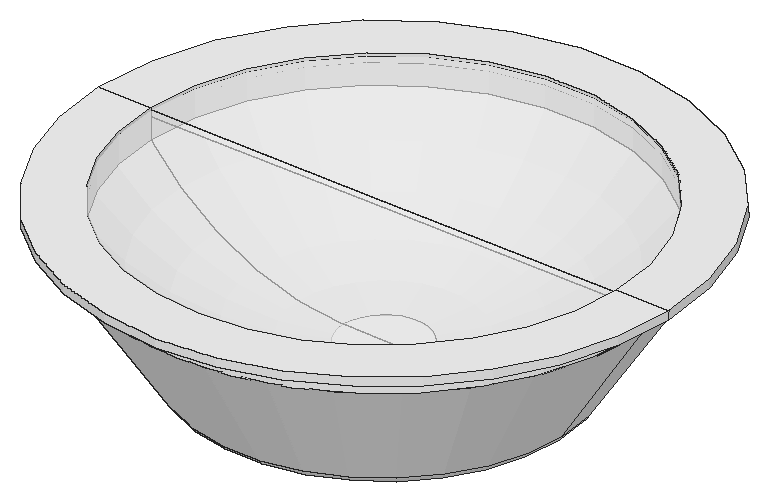
Revit family "0030440", category Lighting Fixtures, host Face, Revit 2017
Family settings
  Host = Face
  Round Connector Dimension = Use Diameter
  Part Type = Normal
  OmniClass Number = 23.80.70.00
  OmniClass Title = Lighting
  Cut with Voids When Loaded = No
  Light Source = Yes
  Shared = No
  Room Calculation Point = No
Parameters (values of type "0030440 INSAVER SLIM UGR19 205 IP44 2000LM 930")
  WidthBezel_SYL = if(Size1_SYL, 20 mm, if(Size2_SYL, 20 mm, if(Size3PIR_SYL, 30 mm, if(Size4_SYL, 20 mm, 20 mm))))  # 20 mm
  Weight = "8.76 kg"
  Wattage Comments = ""
  Wattage = 20 W
  WarrantyStartDate [instance] = "n/a"
  WarrantyGuarantorParts = "n/a"
  WarrantyDurationUnit = "n/a"
  WarrantyDurationParts = "n/a"
  WarrantyDescription = "n/a"
  built-in parameter 1150110 = 1 (stored number, unit not read)
  Voltage = 0 V
  VisibilityPIR_SYL = Size3PIR_SYL  # no
  URL = "http://www.sylvania-lighting.com"
  TypeName = "Insaver Slim UGR19 205 IP44 2000lm 930"
  Type Image = <None>
  Type Comments = "n/a"
  built-in parameter 1114217 = 1 (stored number, unit not read)
  Tilt Angle = -90.00°
  built-in parameter 1150109 = 1 (stored number, unit not read)
  built-in parameter 1150134 = (empty or 0)
  built-in parameter 1150113 = 1 (stored number, unit not read)
  Size4_SYL = yes
  Size3PIR_SYL = no
  Size2_SYL = no
  Size1_SYL = no
  SerialNumber [instance] = "n/a"
  RadiusTop_SYL = 6 mm
  RadiusReflector_SYL = if(Size1_SYL, 85 mm, if(Size2_SYL, 85 mm, if(Size3PIR_SYL, 85 mm, if(Size4_SYL, 100 mm, 120 mm))))  # 100 mm
  Photometric Web File = "0030440.ies"
  Material_3_FEILO = Top-Sylvania-STARTDownlight
  PowerFactor = 0.9
  PowerConsumption = "20 W"
  NominalLength = 220 mm
  NominalHeight = 60 mm
  NominalDepth = 220 mm
  Name = "Insaver Slim UGR19 205 IP44 2000lm 930"
  ModelReference = Name  # "Insaver Slim UGR19 205 IP44 2000lm 930"
  ModelNumber = "0030440"
  Model = Name  # "Insaver Slim UGR19 205 IP44 2000lm 930"
  Material = "aluminium housing"
  ManufacturerName = "Feilo Sylvania"
  Manufacturer = "Feilo Sylvania"
  LuminousEfficacy = "100 lm/W"
  built-in parameter 1150105 = 1732.9 (stored number, unit not read)
  Lumens = 2000 lm
  LuminaireType = ""
  built-in parameter 1150115 = 1 (stored number, unit not read)
  LightOutputRatio = "n/a"
  built-in parameter 1150137 = (empty or 0)
  built-in parameter 1150139 = (empty or 0)
  LampsType = Lamp  # "LED"
  LampNominalLuminous = "2000 lm"
  LampMacAdamStep = "3"
  LampColourTemperature = "3000 K"
  LampColourRenderingIndex = "90"
  built-in parameter 1150112 = 1 (stored number, unit not read)
  built-in parameter 1150114 = 1 (stored number, unit not read)
  Lamp = "LED"
  Keynote = "16500"
  InstallationDate [instance] = "n/a"
  InputVoltage = "n/a"
  InputNominalFrequency = "n/a"
  built-in parameter 1150132 = (empty or 0)
  built-in parameter 1150102 = (empty or 0)
  built-in parameter 1150107 = 3000 (stored number, unit not read)
  built-in parameter 1150138 = (empty or 0)
  IngressProtection = "IP44/20"
  ImpactProtectionIndex = "IK07"
  built-in parameter 1150106 = 17.329 (stored number, unit not read)
  IfcExportType = "IfcLightFixtureType"
  IfcExportAs = "IfcLightFixtureType"
  Height_SYL = if(Size1_SYL, 61 mm, if(Size2_SYL, 61 mm, if(Size3PIR_SYL, 61 mm, if(Size4_SYL, 61 mm, 60 mm))))  # 61 mm
  HeightBezel_SYL = if(Size1_SYL, 3 mm, if(Size2_SYL, 3 mm, if(Size3PIR_SYL, 3 mm, if(Size4_SYL, 3.2 mm, 3 mm))))  # 3.2 mm
  ExpectedLife = 50000
  Emit from Circle Diameter = Diameter_SYL - 40 mm  # 180 mm
  Emit Shape Visible in Rendering = no
  ElectricShockClassification = "Class II"
  built-in parameter 1150104 = 9.2903 (stored number, unit not read)
  DurationUnit = "hours"
  DocumentationLiterature = "http://www.sylvania-lighting.com/product/en-int/products/0030440"
  DimmingControlOptions = "n/a"
  Material_2_FEILO = Diffuser-Sylvania-STARTDownlight
  Dimming Lamp Color Temperature Shift = <None>
  Diameter_SYL = if(Size1_SYL, 165 mm, if(Size2_SYL, 190 mm, if(Size3PIR_SYL, 211 mm, if(Size4_SYL, 220 mm, 240 mm))))  # 220 mm
  DiameterTop_SYL = if(Size1_SYL, 98 mm, if(Size2_SYL, 122 mm, if(Size3PIR_SYL, 120 mm, if(Size4_SYL, 135 mm, 158 mm))))  # 135 mm
  DiameterTopBase_SYL = DiameterRecess_SYL  # 200 mm
  DiameterRecess_SYL = if(Size1_SYL, 150 mm, if(Size2_SYL, 170 mm, if(Size3PIR_SYL, 186 mm, if(Size4_SYL, 200 mm, 225 mm))))  # 200 mm
  Description = ""
  Default Elevation = 1219.2 mm
  CreatedOn = "11/19/2020"
  CreatedBy = "@sylvania-lighting.com"
  Cost = 0
  Color Filter = 16777215
  built-in parameter 1114216 [instance] = (empty or 0)
  ClassificationValue = "EF_70_80"
  ClassificationName = "Uniclass2015"
  Material_1_FEILO = Trim-Sylvania-STARTDownlight-White
  BarCode [instance] = "n/a"
  built-in parameter 1114218 = 1 (stored number, unit not read)
  built-in parameter 1150133 = 10 (stored number, unit not read)
  AssetType = "Fixed"
  AssetIdentifier [instance] = "n/a"
  Assembly Code = "D5020200"
  Apparent Load = 20 VA
  Material_4_FEILO = LED-Sylvania-STARTDownlight
Reference planes
  plane 1 "Center (Front/Back)": y = 0
  plane 2: z = 0
  plane 3 "Center (Left/Right)": x = 0
  plane 4: x = 110
  plane 5: x = -110
  plane 6: z = 3.2
  plane 7: z = -8
  plane 8: z = -57.8
  plane 9: x = -100
  plane 10: x = 100
  plane 11: x = -67.5
  plane 12: x = 67.5
  plane 13: z = -85
  plane 14: x = -90
  plane 15: z = 2.2
  plane 16: z = -45.8
  plane 17: x = -16
  plane 18: x = -95
  plane 19: x = -81.5
  plane 20: x = -99.5
  plane 21: x = -104
  plane 22: z = 5.7
  plane 23: z = 8.9
  plane 24: x = -103
  plane 25: z = 13.9
Forms (mm)
  Revolve 1, void
    sketch origin (0, 0, 0) x (1, 0, 0) y (0, 0, 1)
      loop
        line (0, 0) -> (-100, 0) -> (-100, -85) -> (0, -85) -> (0, 0)
      axis (0, 0) -> (0, -85)
    angle from 360 to 0
  Revolve 2, solid, material "Trim-Sylvania-STARTDownlight-White" <- "Material_1_FEILO"
    sketch origin (0, 0, 0) x (1, 0, 0) y (0, 0, 1)
      loop
        line (-90, 3.2) -> (-110, 3.2) -> (-110, 0) -> (-100, 0) -> (-100, -8) -> (-69.181, -54.568)
        arc (-69.181, -54.568) -> (-66.971, -56.929) -> (-63.857, -57.8) r 6
        line (-63.857, -57.8) -> (0, -57.8) -> (0, -45.8) -> (-16, -45.8)
        arc (-16, -45.8) -> (-57.112, -34.95) -> (-90, -8) r 100
        line (-90, -8) -> (-90, 3.2)
      axis (0, 3.2) -> (0, -57.8)
    angle from 360 to 0
  Revolve 3, solid, material "Diffuser-Sylvania-STARTDownlight" <- "Material_2_FEILO"
    sketch origin (0, 0, 0) x (1, 0, 0) y (0, 0, 1)
      loop
        line (-90, 0) -> (0, 0) -> (0, 2.2) -> (-90, 2.2) -> (-90, 0)
      axis (0, 2.2) -> (0, 0)
    angle from 360 to 0
  Revolve 4, solid, material "Trim-Sylvania-STARTDownlight-White" <- "Material_1_FEILO", visible <- "VisibilityPIR_SYL"
    sketch origin (0, 0, 0) x (1, 0, 0) y (0, 0, 1)
      loop
        line (-95, 3.2) -> (-95, 13.9)
        arc (-95, 13.9) -> (-99.717, 12.547) -> (-103, 8.9) r 8.9
        line (-103, 8.9) -> (-103, 5.7) -> (-104, 5.7) -> (-104, 3.2) -> (-95, 3.2)
      axis (-95, 13.9) -> (-95, 3.2)
    angle from 360 to 0
Dimensions and locks
  equal spacing: plane 4, plane 3 "Center (Left/Right)", plane 5
  "Diameter_SYL": plane 4 to plane 5
  equal spacing: plane 10, plane 3 "Center (Left/Right)", plane 9
  equal spacing: plane 12, plane 3 "Center (Left/Right)", plane 11
  "DiameterTop_SYL": plane 12 to plane 11
  "HeightBezel_SYL": plane 6 to plane 2
  "Height_SYL": plane 6 to plane 8
  locked: plane 2 to plane 7 at 8
  locked: plane 2 to plane 13 at 85
  "WidthBezel_SYL": plane 14 to plane 5
  locked: plane 6 to plane 15 at 1
  "DiameterRecess_SYL": plane 10 to plane 9
  locked: plane 3 "Center (Left/Right)" to plane 17 at 16
  locked: plane 16 to plane 8 at 12
  locked: plane 18 to plane 21 at 9
  locked: plane 22 to plane 6 at 2.5
  locked: plane 23 to plane 22 at 3.2
  locked: plane 18 to plane 24 at 8
  locked: plane 25 to plane 23 at 5
  locked: plane 25 to Revolve 4 sketch curve at 8.9
  locked: plane 18 to plane 5 at 15
  "RadiusReflector_SYL": radius of Revolve 2 sketch curve
  "RadiusTop_SYL": radius of Revolve 2 sketch curve
  aligned and locked: plane 2 to host face
  aligned and locked: level to host face
  aligned and locked: Revolve 1 sketch curve to plane 3 "Center (Left/Right)"
  aligned and locked: plane 3 "Center (Left/Right)" to Revolve 1 sketch curve
  aligned and locked: Revolve 1 sketch curve to plane 9
  aligned and locked: plane 13 to Revolve 1 sketch curve
  aligned and locked: plane 3 "Center (Left/Right)" to imposter light
  aligned and locked: imposter light to plane 15
  aligned and locked: imposter light to plane 1 "Center (Front/Back)"
  aligned and locked: Revolve 2 sketch curve to plane 3 "Center (Left/Right)"
  aligned and locked: Revolve 2 sketch curve to plane 6
  aligned and locked: Revolve 2 sketch curve to plane 5
  aligned and locked: Revolve 2 sketch curve to level
  aligned and locked: plane 7 to Revolve 2 sketch curve  (x2)
  aligned and locked: Revolve 2 sketch curve to plane 9
  aligned and locked: plane 8 to Revolve 2 sketch curve
  aligned and locked: Revolve 2 sketch curve to plane 14
  aligned and locked: plane 3 "Center (Left/Right)" to Revolve 2 sketch curve
  aligned and locked: Revolve 2 sketch curve to plane 16
  aligned and locked: Revolve 3 sketch curve to plane 3 "Center (Left/Right)"
  aligned and locked: Revolve 3 sketch curve to level
  aligned and locked: imposter light to Revolve 3 sketch curve  (x2)
  aligned and locked: Revolve 4 sketch curve to plane 18  (x2)
  aligned and locked: Revolve 4 sketch curve to plane 6
  aligned and locked: plane 22 to Revolve 4 sketch curve
  aligned and locked: plane 24 to Revolve 4 sketch curve
  aligned and locked: Revolve 4 sketch curve to Revolve 4 sketch curve
  aligned and locked: plane 21 to Revolve 4 sketch curve
Automatic sketch dimensions
  host sketch curve to host sketch curve = 2438.4 mm  (x2)
  plane 13 to Revolve 1 sketch curve = 524.6 mm
  Revolve 1 sketch curve to plane 6 = 2606.058 mm
  Revolve 1 sketch curve to level = 0 mm
  Revolve 2 sketch curve to plane 17 = 0 mm
  Revolve 2 sketch curve to plane 11 = 1.681 mm
  plane 11 to Revolve 2 sketch curve = 3.643 mm
  plane 13 to Revolve 2 sketch curve = 524.6 mm
  Revolve 2 sketch curve to Revolve 2 sketch curve = 2577.983 mm
  Revolve 3 sketch curve to plane 14 = 0 mm
  plane 13 to Revolve 3 sketch curve = 524.6 mm
  Revolve 3 sketch curve to plane 6 = 2606.058 mm
  Revolve 4 sketch curve to plane 23 = 0 mm
  plane 13 to Revolve 4 sketch curve = 524.6 mm
  Revolve 4 sketch curve to Revolve 4 sketch curve = 2595.358 mm
Connectors
  electrical at (0, 0, 0), driven by "Apparent Load", driven by "PowerFactor", driven by "Voltage"
    settings: index 1, voltage 0 V, apparent load 20 VA, apparent load phase1 0 VA, apparent load phase2 0 VA, apparent load phase3 0 VA, power factor 0.9, load classification "Lighting", number of poles 1, system type 30, power factor state 1, is connector primary yes, connector utility no, sub classification motor no, connector description ""
